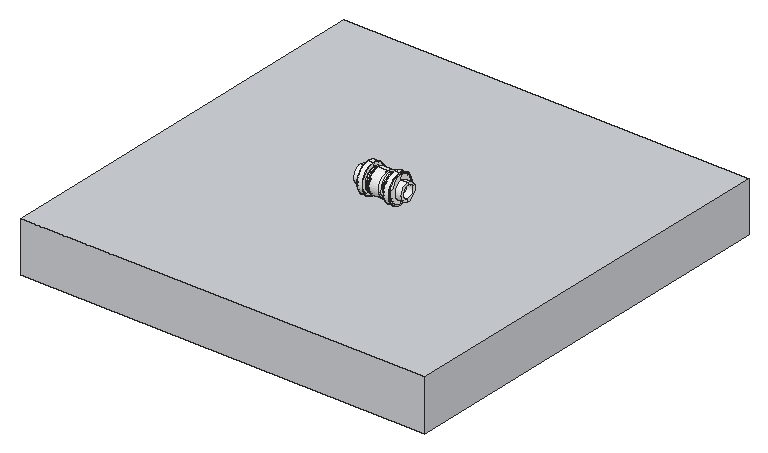
Revit family
Parameters (values of type "2803-550-000")
  Waste Connection = yes
  WFU = 0
  Vent Connection = no
  URL = "http://www.acornvac.com/"
  Type Comments = ""
  Specification = "3\" True Union Swing Check Valve has clear body and Viton flapper."
  Phone# = "626-336-4561"
  Model = "2803-550-000"
  Material = PVC-Acorn-Clear
  Manufacturer = "AcornVac, Inc."
  HWFU = 0
  HW Connection = no
  Designed By = "Allied Technical Services"  # constant formula
  Description = "3\" True Union Viton Swing Check Valve"
  Default Elevation = 0"
  Creation Date = "08/04/2015"  # constant formula
  CWFU = 0
  CW Connection = no
  Assembly Code = ""
Reference planes (in)
  plane 1 "Center (Front/Back)": y = 0
  plane 2: z = 0
  plane 3 "Center (Left/Right)": x = 0
  plane 4: x = 5.625
  plane 5: x = -5.625
  plane 6: z = 6.75
  plane 7: z = 3.375
Forms (in)
  Extrusion 1, solid
    sketch origin (0, 0, 0) x (1, 0, 0) y (0, 1, 0)
      loop
        line (-48, 48) -> (-48, -48) -> (48, -48) -> (48, 48) -> (-48, 48)
    from 0 to -12
  Revolve 2, solid, material "PVC-Acorn-Clear" <- "Material"
    sketch origin (0, 0, 0) x (1, 0, 0) y (0, 0, 1)
      loop
        line (-5.625, 4.875) -> (-4, 4.875) -> (-4, 3.375) -> (4, 3.375) -> (4, 4.875) -> (5.625, 4.875) -> (5.625, 5.375) -> (4, 5.375) -> (4, 6.40306)
        arc (4, 6.40306) -> (3.92862, 6.5924) -> (3.75, 6.6875) r 0.28681
        line (3.75, 6.6875) -> (3.75, 6.71875)
        arc (3.75, 6.71875) -> (3.74085, 6.74085) -> (3.71875, 6.75) r 0.03125
        line (3.71875, 6.75) -> (2.53125, 6.75)
        arc (2.53125, 6.75) -> (2.50915, 6.74085) -> (2.5, 6.71875) r 0.03125
        line (2.5, 6.71875) -> (2.5, 6.03125) -> (2.375, 6.03125) -> (2.375, 5.90476) -> (1.92734, 5.90476)
        arc (1.92734, 5.90476) -> (1.88314, 5.88645) -> (1.86484, 5.84226) r 0.0625
        line (1.86484, 5.84226) -> (1.86484, 5.78119) -> (1.47189, 5.78119)
        arc (1.47189, 5.78119) -> (1.30631, 5.84389) -> (1.22378, 6.00052) r 0.25
        arc (1.22378, 6.00052) -> (1.12991, 6.17869) -> (0.94157, 6.25) r 0.28436
        line (0.94157, 6.25) -> (-1.29313, 6.25)
        arc (-1.29313, 6.25) -> (-1.49421, 6.16671) -> (-1.57749, 5.96564) r 0.28436
        line (-1.57749, 5.96564) -> (-1.57749, 5.81101)
        arc (-1.57749, 5.81101) -> (-1.58664, 5.78891) -> (-1.60874, 5.77976) r 0.03125
        line (-1.60874, 5.77976) -> (-1.83359, 5.77976)
        arc (-1.83359, 5.77976) -> (-1.85569, 5.78891) -> (-1.86484, 5.81101) r 0.03125
        line (-1.86484, 5.81101) -> (-1.86484, 5.84226)
        arc (-1.86484, 5.84226) -> (-1.88314, 5.88645) -> (-1.92734, 5.90476) r 0.0625
        line (-1.92734, 5.90476) -> (-2.375, 5.90476) -> (-2.375, 6.03125) -> (-2.5, 6.03125) -> (-2.5, 6.71875)
        arc (-2.5, 6.71875) -> (-2.50915, 6.74085) -> (-2.53125, 6.75) r 0.03125
        line (-2.53125, 6.75) -> (-3.71875, 6.75)
        arc (-3.71875, 6.75) -> (-3.74085, 6.74085) -> (-3.75, 6.71875) r 0.03125
        line (-3.75, 6.71875) -> (-3.75, 6.6875)
        arc (-3.75, 6.6875) -> (-3.92862, 6.5924) -> (-4, 6.40306) r 0.28681
        line (-4, 6.40306) -> (-4, 5.375) -> (-5.625, 5.375) -> (-5.625, 4.875)
      axis (-5.625, 3.375) -> (5.625, 3.375)
    angle from 0 to 360
Lines and regions (in)
  symbolic lines
    curve 1: line (-0.75569, 0, 3.98316) -> (-0.75569, 0, 3.73316)
    curve 2: line (-0.75569, 0, 3.98316) -> (-0.61992, 0, 3.98316)
    curve 3: line (-0.75569, 0, 3.87253) -> (-0.61992, 0, 3.87253)
    curve 4: line (-0.56964, 0, 3.98567) -> (-0.56964, 0, 3.73316)
    curve 5: line (-0.56964, 0, 3.73316) -> (-0.4565, 0, 3.73316)
    curve 6: circle (-0.30564, 0, 3.86248) r 0.12932 normal (0, -1, 0)
    curve 7: line (-0.11959, 0, 3.98567) -> (-0.06592, 0, 3.73316)
    curve 8: line (-0.06592, 0, 3.73316) -> (0.01613, 0, 3.98567)
    curve 9: line (0.15185, 0, 3.98567) -> (0.09818, 0, 3.73316)
    curve 10: line (0.09818, 0, 3.73316) -> (0.01613, 0, 3.98567)
    curve 11: line (-0.63267, 0, 3.41246) -> (-0.63267, 0, 3.33754)
    curve 12: line (-0.63267, 0, 3.41246) -> (-0.42272, 0, 3.41246)
    curve 13: line (-0.42272, 0, 3.41246) -> (-0.42272, 0, 3.50743)
    curve 14: line (-0.42272, 0, 3.50743) -> (-0.05886, 0, 3.375)
    curve 15: line (-0.63267, 0, 3.33754) -> (-0.42272, 0, 3.33754)
    curve 16: line (-0.42272, 0, 3.33754) -> (-0.42272, 0, 3.24257)
    curve 17: line (-0.42272, 0, 3.24257) -> (-0.05886, 0, 3.375)
    curve 18: line (-1.29313, 0, 6.25) -> (-1.29313, 0, 0.5)
    curve 19: line (0.94157, 0, 6.25) -> (0.94157, 0, 0.5)
    curve 20: line (1.47354, 0, 0.96909) -> (1.47354, 0, 5.78119)
    curve 21: line (-1.29313, 2.875, 0) -> (-1.29313, -2.875, 0)
    curve 22: line (0.94157, 2.875, 0) -> (0.94157, -2.875, 0)
    curve 23: line (1.47354, 2.40618, 0) -> (1.47354, -2.40619, 0)
Dimensions and locks (in)
  plane 5 to plane 4 = 11 1/4"
  plane 6 to Extrusion 1 = 6 3/4"
  aligned and locked: plane 2 to Extrusion 1
  aligned and locked: level to Extrusion 1
Connectors (in)
  piping at (-5.625, 0, 3.375)
    settings: on Revolve 2, index 1
  piping at (5.625, 0, 3.375)
    settings: on Revolve 2, index 2
